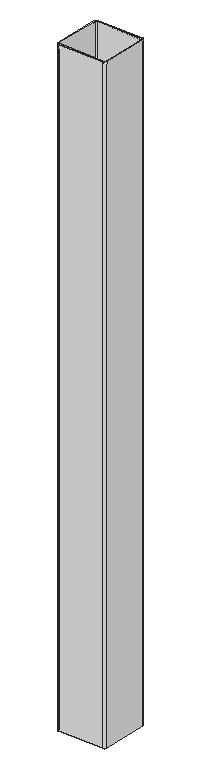
Revit family
Parameters (values of type "200x200xSHS")
  Column Material [instance] = Metal - Steel - 345 MPa
  A = 38.70 m²
  Ix = 0
  M = 30.4
  Zx = 0
  b = 200 mm
  h = 200 mm
  tr = 2 * t  # 10 mm
  t = 5 mm
Reference planes
  plane 1 "Center (Front/Back)": y = 0
  plane 2: z = 0
  plane 3 "Center (Left/Right)": x = 0
  plane 4: x = -100
  plane 5: x = 100
  plane 6: y = 100
  plane 7: y = -100
  plane 8: x = -90
  plane 9: y = -90
  plane 10: y = 90
  plane 11: x = 90
Forms (mm)
  Extrusion 1, solid, material "Metal - Steel - 345 MPa" <- "Column Material", detail levels medium
    sketch origin (0, 0, 0) x (1, 0, 0) y (0, 1, 0)
      loop
        line (-100, 100) -> (-100, -100) -> (100, -100) -> (100, 100) -> (-100, 100)
      loop
        line (-95, 95) -> (-95, -95) -> (95, -95) -> (95, 95) -> (-95, 95)
    from 0 to 2500
  Extrusion 2, solid, material "Metal - Steel - 345 MPa" <- "Column Material", detail levels fine
    sketch origin (0, 0, 0) x (1, 0, 0) y (0, 1, 0)
      loop
        arc (-90, 100) -> (-97.071, 97.071) -> (-100, 90) r 10
        line (-100, 90) -> (-100, -90)
        arc (-100, -90) -> (-97.071, -97.071) -> (-90, -100) r 10
        line (-90, -100) -> (90, -100)
        arc (90, -100) -> (97.071, -97.071) -> (100, -90) r 10
        line (100, -90) -> (100, 90)
        arc (100, 90) -> (97.071, 97.071) -> (90, 100) r 10
        line (90, 100) -> (-90, 100)
      loop
        arc (-90, 95) -> (-93.536, 93.536) -> (-95, 90) r 5
        line (-95, 90) -> (-95, -90)
        arc (-95, -90) -> (-93.536, -93.536) -> (-90, -95) r 5
        line (-90, -95) -> (90, -95)
        arc (90, -95) -> (93.536, -93.536) -> (95, -90) r 5
        line (95, -90) -> (95, 90)
        arc (95, 90) -> (93.536, 93.536) -> (90, 95) r 5
        line (90, 95) -> (-90, 95)
    from 0 to 2500
Lines and regions (mm)
  symbolic lines, style "StructuralColumnStickSymbols", detail levels coarse
    curve 1: line (-100, 100, 0) -> (100, 100, 0)
    curve 2: line (-100, -100, 0) -> (100, -100, 0)
    curve 5: line (-100, 100, 0) -> (-100, -100, 0)
    curve 6: line (100, 100, 0) -> (100, -100, 0)
  symbolic lines, style "Hidden Faces", detail levels medium+fine
    curve 3: line (-95, 0, 0) -> (-95, 0, 2500)
    curve 4: line (95, 0, 2500) -> (95, 0, 0)
Dimensions and locks
  equal spacing: plane 4, plane 3 "Center (Left/Right)", plane 5
  equal spacing: plane 7, plane 1 "Center (Front/Back)", plane 6
  "h": plane 7 to plane 6
  "b": plane 4 to plane 5
  "t": Extrusion 1 sketch curve to plane 5
  "t": plane 4 to Extrusion 1 sketch curve
  "t": Extrusion 1 sketch curve to plane 6
  "t": Extrusion 1 sketch curve to plane 7
  "t": Extrusion 2 sketch curve to plane 6
  "t": Extrusion 2 sketch curve to plane 5
  "t": plane 4 to Extrusion 2 sketch curve
  "t": Extrusion 2 sketch curve to plane 7
  "tr": plane 10 to plane 6
  "tr": plane 7 to plane 9
  "tr": plane 11 to plane 5
  "tr": plane 4 to plane 8
  aligned and locked: plane 6 to Extrusion 1 sketch curve
  aligned and locked: Extrusion 1 sketch curve to plane 7
  aligned and locked: Extrusion 1 sketch curve to plane 4
  aligned and locked: plane 5 to Extrusion 1 sketch curve
  aligned and locked: level to Extrusion 1
  aligned and locked: level to plane 2
  aligned and locked: Extrusion 1 to plane 2
  aligned and locked: curve 1 to Extrusion 2 sketch curve
  aligned and locked: Extrusion 2 sketch curve to Extrusion 1
  aligned and locked: level to Extrusion 2
  aligned and locked: curve 4 to Extrusion 2
  aligned and locked: curve 3 to Extrusion 2
Automatic sketch dimensions
  Extrusion 2 sketch curve to plane 8 = 0 mm  (x4)
  Extrusion 2 sketch curve to plane 7 = 0 mm
  Extrusion 2 sketch curve to plane 11 = 0 mm
  Extrusion 2 sketch curve to plane 10 = 0 mm  (x2)
  Extrusion 2 sketch curve to plane 9 = 0 mm  (x2)
  curve 3 to level = 0 mm  (x2)
  curve 4 to level = 0 mm  (x2)
  curve 5 to plane 4 = 0 mm
  curve 2 to plane 5 = 0 mm
  curve 5 to plane 7 = 0 mm
  curve 5 to plane 6 = 0 mm
